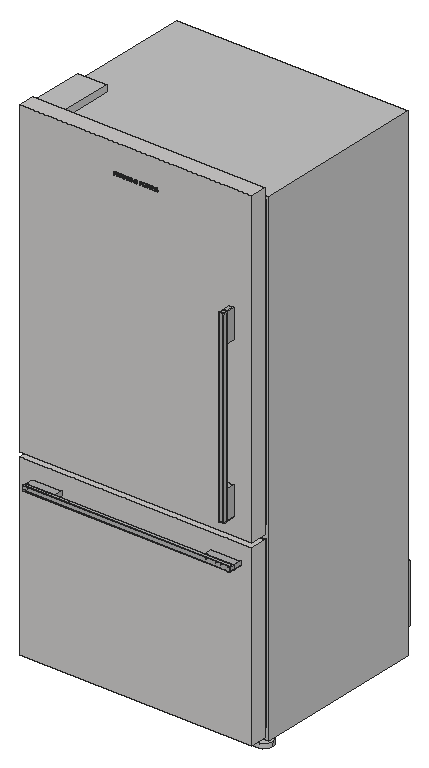
Revit family "FP-Revit18-RF522WDLX5-Fridges", category Specialty Equipment, Revit 2018
Family settings
  Round Connector Dimension = Use Diameter
  Part Type = Normal
  OmniClass Number = 23.40.40.11.11.17
  OmniClass Title = Refrigerator-Freezer
  Work Plane-Based = No
  Always vertical = Yes
  Cut with Voids When Loaded = Yes
  Shared = No
  Room Calculation Point = No
Parameters (values of type "RF522WDLX5")
  Visibility - Contemporary square handle = yes
  Visibility - Contemporary round handle = no
  Visibility - Clearance Required = yes
  URL = "www.fisherpaykel.com"
  Product - Width = 790 mm  # constant formula
  Product - Height = 1720 mm  # constant formula
  Product - Depth = 737 mm  # constant formula
  Model = "RF522WDLX5"
  Material - Logo = Fisher & Paykel - Steel, Chrome Plated
  Material - Handle = Fisher & Paykel - Aluminium
  Material - Door Structure = Fisher & Paykel - White
  Material - Door Front = Fisher & Paykel - Stainless Steel
  Material - Body = Fisher & Paykel - Grey
  Manufacturer = "Fisher & Paykel Appliances"
  Description = "79cm Freestanding Refrigerator with Bottom Freezer"
  Connector Description - Electrical = "230 V, 50 Hz"
  Chassis - Width = 790 mm  # constant formula
  Chassis - Height = 1662 mm  # constant formula
  Chassis - Depth = 625 mm  # constant formula
  Cavity - Width = 830 mm  # constant formula
  Cavity - Height = 1735 mm  # constant formula
  Cavity - Depth = 625 mm  # constant formula
Reference planes
  plane 1 "Datum": y = 0
  plane 2: z = 0
  plane 3 "Center (Left/Right)": x = 0
  plane 4 "Product LHS": x = -395
  plane 5 "Product RHS": x = 395
  plane 6 "Product - Depth": y = 625
  plane 7 "Cavity LHS": x = -415
  plane 8 "Cavity RHS": x = 415
  plane 9 "Cavity - Depth": y = 625
  plane 10 "Product Height": z = 1720
  plane 11 "Cavity Height": z = 1735
  plane 12 "Door Panel Front": y = -70
Forms (mm)
  Extrusion 1, solid, material "Fisher & Paykel - Grey" <- "Material - Body"
    sketch origin (0, 0, 0) x (0, 1, 0) y (0, 0, 1)
      loop
        line (0, 24) -> (595, 24) -> (595, 1686) -> (0, 1686) -> (0, 24)
    from -395 to 395
  Extrusion 2, solid, material "Fisher & Paykel - Grey" <- "Material - Body"
    sketch origin (0, 0, 0) x (1, 0, 0) y (0, 1, 0)
      loop
        circle (-365, 18.6) r 4.9
      loop
        circle (365, 18.6) r 4.9
    from 14 to 24
  Extrusion 3, solid, material "Fisher & Paykel - Grey" <- "Material - Body"
    sketch origin (0, 0, 0) x (1, 0, 0) y (0, 1, 0)
      loop
        circle (-365, 18.6) r 30
      loop
        circle (365, 18.6) r 30
    from 0 to 14
  Extrusion 4, solid, material "Fisher & Paykel - Grey" <- "Material - Body"
    sketch origin (0, 0, 0) x (1, 0, 0) y (0, 0, 1)
      loop
        circle (355.042, 69) r 5
      loop
        circle (305.042, 69) r 5
    from -615 to -595
  Extrusion 5, solid, material "Fisher & Paykel - White" <- "Material - Door Structure"
    sketch origin (0, 0, 0) x (1, 0, 0) y (0, 1, 0)
      loop
        line (-387, 0) -> (-387, -15) -> (387, -15) -> (387, 0) -> (-387, 0)
    from 682 to 1675
  Extrusion 6, solid, material "Fisher & Paykel - Stainless Steel" <- "Material - Door Front"
    sketch origin (0, 0, 0) x (1, 0, 0) y (0, 1, 0)
      loop
        line (-395, -15) -> (-395, -70) -> (395, -70) -> (395, -15) -> (-395, -15)
    from 660 to 1720
  Extrusion 7, solid, material "Fisher & Paykel - Clearance Required", visible <- "Visibility - Clearance Required", detail levels coarse
    sketch origin (0, 0, 0) x (1, 0, 0) y (0, 1, 0)
      loop
        line (-415, 625) -> (-415, 0) -> (-530, 0) -> (-530, -70) -> (415, -70) -> (415, 625) -> (-415, 625)
    from 0 to 1735
  Extrusion 8, void
    sketch origin (0, 0, 0) x (1, 0, 0) y (0, 1, 0)
      loop
        line (-415, 625) -> (-415, 0) -> (-530, 0) -> (-530, -70) -> (415, -70) -> (415, 625) -> (-415, 625)
    from 0 to 1735
  Extrusion 9, solid, material "Fisher & Paykel - Stainless Steel" <- "Material - Door Front"
    sketch origin (0, 0, 0) x (1, 0, 0) y (0, 1, 0)
      loop
        line (-395, -15) -> (-395, -70) -> (395, -70) -> (395, -15) -> (-395, -15)
    from 40 to 646
  Extrusion 10, solid, material "Fisher & Paykel - White" <- "Material - Door Structure"
    sketch origin (0, 0, 0) x (1, 0, 0) y (0, 1, 0)
      loop
        line (-387, 0) -> (-387, -15) -> (387, -15) -> (387, 0) -> (-387, 0)
    from 62 to 638
  Extrusion 11, solid, material "Fisher & Paykel - Grey" <- "Material - Body"
    sketch origin (229.237, 0, 0) x (0, 1, 0) y (0, 0, 1)
      loop
        line (595, 324) -> (595, 94) -> (625, 94) -> (625, 294) -> (595, 324)
    from -604.237 to 145.763
  Extrusion 12, solid, material "Fisher & Paykel - Grey" <- "Material - Body"
    sketch origin (0, 0, 0) x (0, 1, 0) y (0, 0, 1)
      loop
        line (595, 94) -> (595, 24) -> (625, 24) -> (625, 94) -> (595, 94)
    from -375 to 280
  Extrusion 13, solid, material "Fisher & Paykel - Grey" <- "Material - Body", detail levels fine
    sketch origin (0, 0, -4) x (0, 1, 0) y (0, 0, -1)
      loop
        line (62.091, -28) -> (112.909, -28)
        arc (112.909, -28) -> (87.5, -4) -> (62.091, -28) r 25.45
      loop
        line (503.639, -28) -> (554.456, -28)
        arc (554.456, -28) -> (529.047, -4) -> (503.639, -28) r 25.45
    from 345 to 362
  Extrusion 14, solid, material "Fisher & Paykel - Grey" <- "Material - Body"
    sketch origin (0, 0, 0) x (1, 0, 0) y (0, 1, 0)
      loop
        line (-296.4, 174) -> (-395, 174) -> (-395, -15) -> (-296.4, -15) -> (-296.4, 174)
    from 1686 to 1708
  Extrusion 15, solid, material "Fisher & Paykel - Clearance Required", visible <- "Visibility - Clearance Required", detail levels coarse
    sketch origin (0, 0, 0) x (1, 0, 0) y (0, 1, 0)
      loop
        line (-460.698, -70) -> (-917.346, -479.069) -> (-945.37, -447.786) -> (-956.777, -458.004) -> (-928.753, -489.287) -> (-975.827, -531.456)
        arc (-975.827, -531.456) -> (-135.432, -761.124) -> (395, -70) r 781.226
        line (395, -70) -> (-460.698, -70)
    from 660 to 1720
  Extrusion 16, solid, material "Fisher & Paykel - Grey" <- "Material - Body", detail levels fine
    sketch origin (0, 0, -4) x (0, 1, 0) y (0, 0, 1)
      loop
        arc (62.091, 28) -> (87.5, 4) -> (112.909, 28) r 25.45
        line (112.909, 28) -> (62.091, 28)
      loop
        arc (503.639, 28) -> (529.047, 4) -> (554.456, 28) r 25.45
        line (554.456, 28) -> (503.639, 28)
    from 345 to 362
  Extrusion 17, solid, material "Fisher & Paykel - Clearance Required", visible <- "Visibility - Clearance Required", detail levels coarse
    sketch origin (0, 0, 0) x (0, 1, 0) y (0, 0, 1)
      loop
        line (-70, 646) -> (-445, 646) -> (-445, 590.956) -> (-487, 590.956) -> (-487, 574.956) -> (-445, 574.956) -> (-445, 40) -> (-70, 40) -> (-70, 646)
    from -415 to 415
  Extrusion 18, solid, material "Fisher & Paykel - Steel, Chrome Plated" <- "Material - Logo", detail levels fine
    sketch origin (-0.005, -70, 1620.016) x (1, 0, 0) y (0, 0, 1)
      loop
        line (-74.994, 0) -> (-72.633, 0) -> (-72.633, 3.207) -> (-68.944, 3.207) -> (-68.944, 5.208) -> (-72.633, 5.208) -> (-72.633, 7.068) -> (-68.62, 7.068) -> (-68.62, 9.06) -> (-74.994, 9.06) -> (-74.994, 0)
      loop
        line (-64.134, 9.06) -> (-64.134, 0) -> (-61.773, 0) -> (-61.773, 9.06) -> (-64.134, 9.06)
      loop
        line (-46.015, 9.06) -> (-46.015, 0) -> (-43.654, 0) -> (-43.654, 3.63) -> (-40.187, 3.63) -> (-40.187, 0) -> (-37.826, 0) -> (-37.826, 9.06) -> (-40.187, 9.06) -> (-40.187, 5.622) -> (-43.654, 5.622) -> (-43.654, 9.06) -> (-46.015, 9.06)
      loop
        line (-32.787, 9.06) -> (-32.787, 0) -> (-26.332, 0) -> (-26.332, 1.992) -> (-30.448, 1.992) -> (-30.448, 3.63) -> (-26.686, 3.63) -> (-26.686, 5.622) -> (-30.448, 5.622) -> (-30.448, 7.068) -> (-26.332, 7.068) -> (-26.332, 9.06) -> (-32.787, 9.06)
      loop
        line (68.572, 9.06) -> (68.572, 0) -> (75.006, 0) -> (75.006, 1.992) -> (70.933, 1.992) -> (70.933, 9.06) -> (68.572, 9.06)
      loop
        line (63.719, 9.06) -> (57.241, 9.06) -> (57.241, 0) -> (63.719, 0) -> (63.719, 1.992) -> (59.602, 1.992) -> (59.602, 3.63) -> (63.364, 3.63) -> (63.364, 5.622) -> (59.602, 5.622) -> (59.602, 7.068) -> (63.719, 7.068) -> (63.719, 9.06)
      loop
        line (50.248, 4.722) -> (53.597, 9.06) -> (50.837, 9.06) -> (47.945, 5.313) -> (47.945, 9.06) -> (45.585, 9.06) -> (45.585, 0) -> (47.945, 0) -> (47.945, 4.058) -> (50.926, 0) -> (53.716, 0) -> (50.248, 4.722)
      loop
        line (33.043, 9.06) -> (36.466, 3.63) -> (36.466, 0) -> (38.827, 0) -> (38.827, 3.511) -> (42.25, 9.06) -> (39.742, 9.06) -> (37.721, 5.561) -> (35.701, 9.06) -> (33.043, 9.06)
      loop
        line (27.79, 9.06) -> (25.547, 9.06) -> (21.858, 0) -> (24.175, 0) -> (24.824, 1.668) -> (28.454, 1.668) -> (29.103, 0) -> (31.479, 0) -> (27.79, 9.06)
      loop
        line (27.671, 3.659) -> (26.612, 6.261) -> (25.599, 3.659) -> (27.671, 3.659)
      loop
        line (12.119, 9.06) -> (12.119, 0) -> (14.48, 0) -> (14.48, 2.907) -> (15.971, 2.907)
        arc (15.971, 2.907) -> (19.048, 5.983) -> (15.971, 9.06) r 3.077
        line (15.971, 9.06) -> (12.119, 9.06)
      loop
        line (14.48, 7.068) -> (14.48, 4.796) -> (15.824, 4.796)
        arc (15.824, 4.796) -> (16.96, 5.932) -> (15.824, 7.068) r 1.136
        line (15.824, 7.068) -> (14.48, 7.068)
      loop
        line (-17.602, 9.06) -> (-21.477, 9.06) -> (-21.477, 0) -> (-19.116, 0) -> (-19.116, 2.522) -> (-18.311, 2.522) -> (-16.387, 0) -> (-13.657, 0) -> (-15.969, 2.959)
        arc (-15.969, 2.959) -> (-14.445, 6.636) -> (-17.602, 9.06) r 3.269
      loop
        line (-17.774, 7.068) -> (-19.116, 7.068) -> (-19.116, 4.579) -> (-17.774, 4.579)
        arc (-17.774, 4.579) -> (-16.529, 5.823) -> (-17.774, 7.068) r 1.244
      loop
        line (0.788, 7.068) -> (0.788, 9.229) -> (-5.291, 9.229) -> (-5.291, 7.276) -> (-4.389, 6.167)
        arc (-4.389, 6.167) -> (-5.193, 1.025) -> (0.005, 0.768) r 3.5
        line (0.005, 0.768) -> (0.63, 0) -> (3.308, 0) -> (1.362, 2.391) -> (3.12, 4.924) -> (0.694, 4.924) -> (0.053, 4) -> (-2.443, 7.068) -> (0.788, 7.068)
      loop
        arc (-3.116, 4.603) -> (-3.331, 2.502) -> (-1.23, 2.286) r 1.493
        line (-1.23, 2.286) -> (-3.116, 4.603)
      loop
        line (-52.698, 5.451) -> (-54.701, 5.866)
        arc (-54.701, 5.866) -> (-55.501, 6.665) -> (-54.701, 7.465) r 0.799
        arc (-54.701, 7.465) -> (-52.78, 7.185) -> (-51.017, 6.371) r 6.757
        line (-51.017, 6.371) -> (-51.017, 8.615)
        arc (-51.017, 8.615) -> (-53.252, 9.269) -> (-55.578, 9.164) r 7.089
        arc (-55.578, 9.164) -> (-57.732, 6.502) -> (-55.578, 3.841) r 2.721
        line (-55.578, 3.841) -> (-53.559, 3.423)
        arc (-53.559, 3.423) -> (-52.76, 2.623) -> (-53.559, 1.824) r 0.799
        arc (-53.559, 1.824) -> (-55.481, 2.103) -> (-57.244, 2.917) r 6.757
        line (-57.244, 2.917) -> (-57.244, 0.674)
        arc (-57.244, 0.674) -> (-55.009, 0.02) -> (-52.682, 0.125) r 7.089
        arc (-52.682, 0.125) -> (-50.529, 2.795) -> (-52.698, 5.451) r 2.721
    from 0 to 0.8
Cuts and joins
  joined: Extrusion 11, Extrusion 12
Text (mm)
  text "Due to ongoing product development, product details are subject to change without notice. \nPlease always refer to www.fisherpaykel.com for the most current product information. \n© Fisher & Paykel 2020" at (41.04, -848.295, 0), in view "Ref. Level (Plan)"
Dimensions and locks
  equal spacing: plane 4 "Product LHS", plane 3 "Center (Left/Right)", plane 5 "Product RHS"
  "Product - Width": plane 4 "Product LHS" to plane 5 "Product RHS"
  "Cavity - Depth": plane 1 "Datum" to plane 6 "Product - Depth"
  equal spacing: plane 7 "Cavity LHS", plane 3 "Center (Left/Right)", plane 8 "Cavity RHS"
  "Cavity - Width": plane 7 "Cavity LHS" to plane 8 "Cavity RHS"
  "Chassis - Depth": plane 9 "Cavity - Depth" to plane 1 "Datum"
  Extrusion 4 sketch curve to plane 5 "Product RHS" = 39.958 mm
  locked: Extrusion 3 to level at 14
  "Product - Height": level to plane 10 "Product Height"
  Extrusion 1 sketch curve to plane 10 "Product Height" = 34 mm
  "Cavity - Height": plane 11 "Cavity Height" to level
  "Chassis - Depth": plane 1 "Datum" to plane 9 "Cavity - Depth"
  locked: Extrusion 9 to Extrusion 1 at 16
  Extrusion 9 to Extrusion 1 = 622 mm
  locked: Extrusion 1 to Extrusion 10 at 38
  locked: Extrusion 1 to Extrusion 5 at 1651
  locked: Extrusion 14 to Extrusion 1 at 22
  "Chassis - Height": Extrusion 1 to Extrusion 1
  locked: Extrusion 13 sketch curve to Extrusion 1 at 24  (x2)
  Extrusion 1 to Extrusion 4 = 45 mm  (x2)
  locked: Extrusion 1 to cut or joined group of Extrusion 11, Extrusion 12 at 70
  locked: Extrusion 4 sketch curve to Extrusion 1 at 40  (x2)
  locked: Extrusion 1 to nested 1 at 566.956
  locked: nested 2 to Extrusion 1 at 1333
  locked: Extrusion 13 to Extrusion 1 at 24  (x2)
  "Chassis - Width": Extrusion 1 to Extrusion 1
  "Product - Depth": plane 6 "Product - Depth" to nested 2
  locked: Extrusion 9 to level at 646
  aligned and locked: level to plane 2
  aligned and locked: Extrusion 1 to plane 5 "Product RHS"
  aligned and locked: plane 4 "Product LHS" to Extrusion 1
  aligned and locked: Extrusion 6 sketch curve to plane 4 "Product LHS"
  aligned and locked: plane 5 "Product RHS" to Extrusion 6 sketch curve
  aligned and locked: Extrusion 1 sketch curve to plane 1 "Datum"
  aligned and locked: Extrusion 12 sketch curve to plane 6 "Product - Depth"
  aligned and locked: Extrusion 4 to Extrusion 1
  aligned and locked: Extrusion 14 to Extrusion 1
  aligned and locked: Extrusion 8 sketch curve to plane 1 "Datum"
  aligned and locked: Extrusion 8 to plane 11 "Cavity Height"
  aligned and locked: Extrusion 6 to plane 10 "Product Height"
  aligned and locked: Extrusion 2 to Extrusion 1
  aligned and locked: Extrusion 13 sketch curve to Extrusion 13 sketch curve
  aligned and locked: Extrusion 13 sketch curve to Extrusion 1
  aligned and locked: Extrusion 16 sketch curve to Extrusion 16 sketch curve
  aligned and locked: Extrusion 1 to Extrusion 12
  aligned and locked: Extrusion 12 to Extrusion 11
  aligned and locked: Extrusion 7 to plane 11 "Cavity Height"
  aligned and locked: Extrusion 1 to Extrusion 16 sketch curve
  aligned and locked: Extrusion 9 to Extrusion 17
  aligned and locked: Extrusion 15 to plane 10 "Product Height"
Automatic sketch dimensions
  Extrusion 1 sketch curve to plane 6 "Product - Depth" = 30 mm
  level to Extrusion 1 sketch curve = 24 mm
  Extrusion 2 sketch curve to plane 4 "Product LHS" = 30 mm
  plane 5 "Product RHS" to Extrusion 2 sketch curve = 30 mm
  Extrusion 2 sketch curve to plane 1 "Datum" = 18.6 mm  (x2)
  Extrusion 3 sketch curve to plane 4 "Product LHS" = 30 mm
  plane 5 "Product RHS" to Extrusion 3 sketch curve = 30 mm
  Extrusion 3 sketch curve to plane 1 "Datum" = 18.6 mm  (x2)
  Extrusion 4 sketch curve to Extrusion 4 sketch curve = 50 mm
  Extrusion 4 sketch curve to Extrusion 4 sketch curve = 0 mm
  plane 1 "Datum" to Extrusion 5 sketch curve = 0 mm
  Extrusion 5 sketch curve to plane 4 "Product LHS" = 8 mm
  plane 5 "Product RHS" to Extrusion 5 sketch curve = 8 mm
  plane 1 "Datum" to Extrusion 5 sketch curve = 15 mm
  plane 1 "Datum" to Extrusion 6 sketch curve = 70 mm
  plane 1 "Datum" to Extrusion 6 sketch curve = 15 mm
  plane 1 "Datum" to Extrusion 7 sketch curve = 0 mm
  Extrusion 7 sketch curve to plane 6 "Product - Depth" = 0 mm
  Extrusion 7 sketch curve to plane 7 "Cavity LHS" = 0 mm
  Extrusion 7 sketch curve to plane 8 "Cavity RHS" = 0 mm
  plane 7 "Cavity LHS" to Extrusion 7 sketch curve = 115 mm
  plane 1 "Datum" to Extrusion 7 sketch curve = 70 mm
  Extrusion 8 sketch curve to plane 6 "Product - Depth" = 0 mm
  Extrusion 8 sketch curve to plane 7 "Cavity LHS" = 0 mm
  Extrusion 8 sketch curve to plane 8 "Cavity RHS" = 0 mm
  plane 7 "Cavity LHS" to Extrusion 8 sketch curve = 115 mm
  plane 1 "Datum" to Extrusion 8 sketch curve = 70 mm
  Extrusion 9 sketch curve to plane 4 "Product LHS" = 0 mm
  Extrusion 9 sketch curve to plane 5 "Product RHS" = 0 mm
  plane 1 "Datum" to Extrusion 9 sketch curve = 70 mm
  plane 1 "Datum" to Extrusion 9 sketch curve = 15 mm
  plane 1 "Datum" to Extrusion 10 sketch curve = 0 mm
  Extrusion 10 sketch curve to plane 4 "Product LHS" = 8 mm
  plane 5 "Product RHS" to Extrusion 10 sketch curve = 8 mm
  plane 1 "Datum" to Extrusion 10 sketch curve = 15 mm
  Extrusion 11 sketch curve to plane 6 "Product - Depth" = 0 mm
  Extrusion 11 sketch curve to plane 6 "Product - Depth" = 30 mm
  level to Extrusion 11 sketch curve = 94 mm
  Extrusion 11 sketch curve to Extrusion 11 sketch curve = 200 mm
  Extrusion 11 sketch curve to Extrusion 11 sketch curve = 30 mm
  Extrusion 12 sketch curve to Extrusion 12 sketch curve = 30 mm
  level to Extrusion 12 sketch curve = 24 mm
  Extrusion 12 sketch curve to Extrusion 12 sketch curve = 70 mm
  Extrusion 13 sketch curve to plane 1 "Datum" = 62.091 mm
  Extrusion 13 sketch curve to Extrusion 13 sketch curve = 25.409 mm  (x2)
  Extrusion 13 sketch curve to plane 6 "Product - Depth" = 121.361 mm
  Extrusion 14 sketch curve to plane 4 "Product LHS" = 0 mm
  plane 1 "Datum" to Extrusion 14 sketch curve = 15 mm
  Extrusion 14 sketch curve to Extrusion 14 sketch curve = 98.6 mm
  Extrusion 14 sketch curve to plane 1 "Datum" = 174 mm
  Extrusion 16 sketch curve to plane 1 "Datum" = 62.091 mm
  Extrusion 16 sketch curve to Extrusion 16 sketch curve = 25.409 mm  (x2)
  Extrusion 16 sketch curve to plane 6 "Product - Depth" = 121.361 mm
  Extrusion 16 sketch curve to Extrusion 16 sketch curve = 1.45 mm  (x2)
  plane 1 "Datum" to Extrusion 17 sketch curve = 487 mm
  Extrusion 17 sketch curve to Extrusion 17 sketch curve = 42 mm
  level to Extrusion 17 sketch curve = 40 mm
  plane 1 "Datum" to Extrusion 17 sketch curve = 445 mm
  plane 1 "Datum" to Extrusion 17 sketch curve = 70 mm
  Extrusion 17 sketch curve to Extrusion 17 sketch curve = 534.956 mm
  Extrusion 17 sketch curve to Extrusion 17 sketch curve = 16 mm
  Extrusion 17 sketch curve to Extrusion 17 sketch curve = 55.044 mm
  plane 7 "Cavity LHS" to Extrusion 15 sketch curve = 45.698 mm
  Extrusion 15 sketch curve to plane 4 "Product LHS" = 10.329 mm
  Extrusion 15 sketch curve to plane 5 "Product RHS" = 0 mm
  plane 1 "Datum" to Extrusion 15 sketch curve = 531.456 mm
  plane 1 "Datum" to Extrusion 15 sketch curve = 70 mm
  Extrusion 15 sketch curve to Extrusion 15 sketch curve = 30.457 mm
  Extrusion 15 sketch curve to Extrusion 15 sketch curve = 11.406 mm
  plane 1 "Datum" to Extrusion 15 sketch curve = 489.287 mm
  plane 1 "Datum" to Extrusion 15 sketch curve = 479.069 mm
  Extrusion 15 sketch curve to Extrusion 15 sketch curve = 456.649 mm
  Extrusion 18 sketch curve to plane 7 "Cavity LHS" = 340.001 mm
  Extrusion 18 sketch curve to Extrusion 18 sketch curve = 2.361 mm  (x13)
  Extrusion 18 sketch curve to Extrusion 18 sketch curve = 3.689 mm
  Extrusion 18 sketch curve to Extrusion 18 sketch curve = 0.324 mm
  Extrusion 18 sketch curve to Extrusion 18 sketch curve = 4.486 mm
  Extrusion 18 sketch curve to Extrusion 18 sketch curve = 4.53 mm
  Extrusion 18 sketch curve to Extrusion 18 sketch curve = 1.665 mm
  Extrusion 18 sketch curve to Extrusion 18 sketch curve = 0.568 mm
  Extrusion 18 sketch curve to Extrusion 18 sketch curve = 0.309 mm  (x2)
  Extrusion 18 sketch curve to Extrusion 18 sketch curve = 0.54 mm
  Extrusion 18 sketch curve to Extrusion 18 sketch curve = 0.602 mm
  Extrusion 18 sketch curve to Extrusion 18 sketch curve = 1.142 mm
  Extrusion 18 sketch curve to Extrusion 18 sketch curve = 0 mm  (x20)
  Extrusion 18 sketch curve to Extrusion 18 sketch curve = 2.003 mm
  Extrusion 18 sketch curve to Extrusion 18 sketch curve = 2.542 mm
  Extrusion 18 sketch curve to Extrusion 18 sketch curve = 7.235 mm
  Extrusion 18 sketch curve to Extrusion 18 sketch curve = 3.468 mm  (x2)
  Extrusion 18 sketch curve to Extrusion 18 sketch curve = 5.039 mm
  Extrusion 18 sketch curve to Extrusion 18 sketch curve = 2.339 mm  (x2)
  Extrusion 18 sketch curve to Extrusion 18 sketch curve = 3.763 mm  (x2)
  Extrusion 18 sketch curve to Extrusion 18 sketch curve = 0.354 mm  (x4)
  Extrusion 18 sketch curve to Extrusion 18 sketch curve = 4.854 mm
  Extrusion 18 sketch curve to Extrusion 18 sketch curve = 0.805 mm
  Extrusion 18 sketch curve to Extrusion 18 sketch curve = 1.343 mm
  Extrusion 18 sketch curve to Extrusion 18 sketch curve = 0.172 mm
  Extrusion 18 sketch curve to Extrusion 18 sketch curve = 2.73 mm  (x2)
  Extrusion 18 sketch curve to Extrusion 18 sketch curve = 2.343 mm
  Extrusion 18 sketch curve to Extrusion 18 sketch curve = 8.366 mm
  Extrusion 18 sketch curve to Extrusion 18 sketch curve = 0.902 mm
  Extrusion 18 sketch curve to Extrusion 18 sketch curve = 1.273 mm
  Extrusion 18 sketch curve to Extrusion 18 sketch curve = 0.638 mm
  Extrusion 18 sketch curve to Extrusion 18 sketch curve = 1.946 mm
  Extrusion 18 sketch curve to Extrusion 18 sketch curve = 0.305 mm
  Extrusion 18 sketch curve to Extrusion 18 sketch curve = 0.943 mm
  Extrusion 18 sketch curve to Extrusion 18 sketch curve = 1.235 mm
  Extrusion 18 sketch curve to Extrusion 18 sketch curve = 1.283 mm
  Extrusion 18 sketch curve to Extrusion 18 sketch curve = 0.625 mm
  Extrusion 18 sketch curve to Extrusion 18 sketch curve = 0.641 mm
  Extrusion 18 sketch curve to Extrusion 18 sketch curve = 3.232 mm
  Extrusion 18 sketch curve to Extrusion 18 sketch curve = 1.309 mm
  Extrusion 18 sketch curve to Extrusion 18 sketch curve = 2.426 mm
  Extrusion 18 sketch curve to Extrusion 18 sketch curve = 2.678 mm
  Extrusion 18 sketch curve to Extrusion 18 sketch curve = 8.999 mm
  Extrusion 18 sketch curve to Extrusion 18 sketch curve = 1.344 mm
  Extrusion 18 sketch curve to Extrusion 18 sketch curve = 0.147 mm
  Extrusion 18 sketch curve to Extrusion 18 sketch curve = 5.887 mm
  Extrusion 18 sketch curve to Extrusion 18 sketch curve = 2.317 mm
  Extrusion 18 sketch curve to Extrusion 18 sketch curve = 0.649 mm  (x2)
  Extrusion 18 sketch curve to Extrusion 18 sketch curve = 0.723 mm
  Extrusion 18 sketch curve to Extrusion 18 sketch curve = 0.775 mm
  Extrusion 18 sketch curve to Extrusion 18 sketch curve = 1.013 mm
  Extrusion 18 sketch curve to Extrusion 18 sketch curve = 2.072 mm
  Extrusion 18 sketch curve to Extrusion 18 sketch curve = 2.243 mm  (x3)
  Extrusion 18 sketch curve to Extrusion 18 sketch curve = 0.782 mm
  Extrusion 18 sketch curve to Extrusion 18 sketch curve = 2.376 mm
  Extrusion 18 sketch curve to Extrusion 18 sketch curve = 5.252 mm
  Extrusion 18 sketch curve to Extrusion 18 sketch curve = 2.658 mm
  Extrusion 18 sketch curve to Extrusion 18 sketch curve = 0.765 mm
  Extrusion 18 sketch curve to Extrusion 18 sketch curve = 1.255 mm  (x2)
  Extrusion 18 sketch curve to Extrusion 18 sketch curve = 4.041 mm
  Extrusion 18 sketch curve to Extrusion 18 sketch curve = 2.509 mm
  Extrusion 18 sketch curve to Extrusion 18 sketch curve = 3.334 mm
  Extrusion 18 sketch curve to Extrusion 18 sketch curve = 2.303 mm
  Extrusion 18 sketch curve to Extrusion 18 sketch curve = 2.892 mm
  Extrusion 18 sketch curve to Extrusion 18 sketch curve = 2.981 mm
  Extrusion 18 sketch curve to Extrusion 18 sketch curve = 2.759 mm
  Extrusion 18 sketch curve to Extrusion 18 sketch curve = 2.79 mm
  Extrusion 18 sketch curve to Extrusion 18 sketch curve = 3.644 mm
  Extrusion 18 sketch curve to Extrusion 18 sketch curve = 4.853 mm
  Extrusion 18 sketch curve to Extrusion 18 sketch curve = 4.073 mm
  level to Extrusion 18 sketch curve = 1620.016 mm
  Extrusion 18 sketch curve to Extrusion 18 sketch curve = 0.674 mm
  Extrusion 18 sketch curve to Extrusion 18 sketch curve = 0.034 mm
  Extrusion 18 sketch curve to Extrusion 18 sketch curve = 0.768 mm
  Extrusion 18 sketch curve to Extrusion 18 sketch curve = 1.668 mm
  Extrusion 18 sketch curve to Extrusion 18 sketch curve = 1.992 mm  (x10)
  Extrusion 18 sketch curve to Extrusion 18 sketch curve = 1.523 mm
  Extrusion 18 sketch curve to Extrusion 18 sketch curve = 1.518 mm
  Extrusion 18 sketch curve to Extrusion 18 sketch curve = 1.624 mm
  Extrusion 18 sketch curve to Extrusion 18 sketch curve = 2.522 mm
  Extrusion 18 sketch curve to Extrusion 18 sketch curve = 0.393 mm  (x2)
  Extrusion 18 sketch curve to Extrusion 18 sketch curve = 0.163 mm  (x2)
  Extrusion 18 sketch curve to Extrusion 18 sketch curve = 2.907 mm
  Extrusion 18 sketch curve to Extrusion 18 sketch curve = 0.437 mm
  Extrusion 18 sketch curve to Extrusion 18 sketch curve = 3.207 mm
  Extrusion 18 sketch curve to Extrusion 18 sketch curve = 0.949 mm
  Extrusion 18 sketch curve to Extrusion 18 sketch curve = 0.637 mm  (x2)
  Extrusion 18 sketch curve to Extrusion 18 sketch curve = 0.21 mm
  Extrusion 18 sketch curve to Extrusion 18 sketch curve = 3.511 mm
  Extrusion 18 sketch curve to Extrusion 18 sketch curve = 3.63 mm
  Extrusion 18 sketch curve to Extrusion 18 sketch curve = 1.638 mm  (x2)
  Extrusion 18 sketch curve to Extrusion 18 sketch curve = 0.118 mm
  Extrusion 18 sketch curve to Extrusion 18 sketch curve = 0.924 mm  (x2)
  Extrusion 18 sketch curve to Extrusion 18 sketch curve = 1.609 mm
  Extrusion 18 sketch curve to Extrusion 18 sketch curve = 4.058 mm
  Extrusion 18 sketch curve to Extrusion 18 sketch curve = 2.057 mm
  Extrusion 18 sketch curve to Extrusion 18 sketch curve = 0.664 mm
  Extrusion 18 sketch curve to Extrusion 18 sketch curve = 1.889 mm
  Extrusion 18 sketch curve to Extrusion 18 sketch curve = 2.002 mm
  Extrusion 18 sketch curve to Extrusion 18 sketch curve = 2.028 mm
  Extrusion 18 sketch curve to Extrusion 18 sketch curve = 1.931 mm
  Extrusion 18 sketch curve to Extrusion 18 sketch curve = 1.212 mm
  Extrusion 18 sketch curve to Extrusion 18 sketch curve = 0.032 mm
  Extrusion 18 sketch curve to Extrusion 18 sketch curve = 0.415 mm
  Extrusion 18 sketch curve to Extrusion 18 sketch curve = 1.136 mm
  Extrusion 18 sketch curve to Extrusion 18 sketch curve = 0.052 mm
  Extrusion 18 sketch curve to Extrusion 18 sketch curve = 2.602 mm
  Extrusion 18 sketch curve to Extrusion 18 sketch curve = 0.92 mm
  Extrusion 18 sketch curve to Extrusion 18 sketch curve = 0.9 mm
  Extrusion 18 sketch curve to Extrusion 18 sketch curve = 1.446 mm  (x2)
  Extrusion 18 sketch curve to Extrusion 18 sketch curve = 1.859 mm
  Extrusion 18 sketch curve to Extrusion 18 sketch curve = 1.109 mm
  Extrusion 18 sketch curve to Extrusion 18 sketch curve = 1.116 mm
  Extrusion 18 sketch curve to Extrusion 18 sketch curve = 3.499 mm  (x2)
  Extrusion 18 sketch curve to Extrusion 18 sketch curve = 3.438 mm  (x2)
  Extrusion 18 sketch curve to Extrusion 18 sketch curve = 7.068 mm
  Extrusion 18 sketch curve to Extrusion 18 sketch curve = 0.104 mm
  Extrusion 18 sketch curve to Extrusion 18 sketch curve = 2.799 mm
  Extrusion 18 sketch curve to Extrusion 18 sketch curve = 4.338 mm
  Extrusion 18 sketch curve to Extrusion 18 sketch curve = 1.953 mm
  radius of Extrusion 2 sketch curve = 4.9 mm  (x2)
  radius of Extrusion 3 sketch curve = 30 mm  (x2)
  radius of Extrusion 4 sketch curve = 5 mm
Nested families
  nested 1: "F&P Handle Contemporary Square - Horizontal" at (0, -70, 582.978), visible <- "Visibility - Contemporary square handle", type "Contemporary square handle"
  nested 2: "F&P Handle Contemporary Square - Vertical" at (324, -70, 1036), visible <- "Visibility - Contemporary square handle", type "Contemporary square handle"
  nested 3: "F&P Handle Kit - Contemporary Round - Vertical" at (324, -70, 1036), visible <- "Visibility - Contemporary round handle", type "25338 AHS-RF-522W - Contemporary round handle (1 of 2) (Vertical) 642mm"
  nested 4: "F&P Handle Kit - Contemporary Round - Horizontal" at (0, -70, 582.956), visible <- "Visibility - Contemporary round handle", type "25338 AHS-RF-522W - Contemporary round handle (2 of 2) (Horizontal) 710mm"
Connectors
  electrical at (355.042, 615, 69), driven by "Connector Description - Electrical"
    settings: on Extrusion 4, index 2, voltage 230 V, apparent load 0 VA, apparent load phase1 0 VA, apparent load phase2 0 VA, apparent load phase3 0 VA, power factor 1, load classification "Other", number of poles 1, system type 30, power factor state 1, is connector primary yes, connector utility no, sub classification motor no, connector description "230 V, 50 Hz"
Definition of nested family "F&P Handle Contemporary Square - Horizontal"
  Parameters (values of type "Contemporary square handle")
    URL = "www.fisherpaykel.com"
    Material - Handle = none
    Manufacturer = "Fisher & Paykel Appliances"
    Handle - Standoff Length = 100 mm
    Handle - Length = 710 mm
  Reference planes
    plane 1 "Center (Front/Back)": y = 0
    plane 2: z = 0
    plane 3 "Center (Left/Right)": x = 0
    plane 4 "Product LHS": x = -355
    plane 5 "Product RHS": x = 355
    plane 6 "LHS Standoff": x = -255
    plane 7 "RHS Standoff": x = 255
  Forms (mm)
    Extrusion 1, solid, material <- "Material - Handle", detail levels fine
      sketch origin (0, 0, 0) x (0, 1, 0) y (0, 0, 1)
        loop
          arc (-28.701, 7.561) -> (-29.057, 7.868) -> (-29.514, 7.978) r 1
          line (-29.514, 7.978) -> (-40.5, 7.978)
          arc (-40.5, 7.978) -> (-41.561, 7.539) -> (-42, 6.478) r 1.5
          line (-42, 6.478) -> (-42, -6.522)
          arc (-42, -6.522) -> (-41.561, -7.583) -> (-40.5, -8.022) r 1.5
          line (-40.5, -8.022) -> (-29.487, -8.022)
          arc (-29.487, -8.022) -> (-29.029, -7.911) -> (-28.673, -7.602) r 1
          arc (-28.673, -7.602) -> (-26.256, -0.016) -> (-28.701, 7.561) r 13.038
      from -355 to 355
    Extrusion 2, solid, material <- "Material - Handle", detail levels fine
      sketch origin (0, 0, 0) x (0, 1, 0) y (0, 0, 1)
        loop
          arc (-28.23, 7.062) -> (-26.156, 0.008) -> (-28.198, -7.056) r 13.136
          arc (-28.198, -7.056) -> (-28.21, -7.463) -> (-27.86, -7.67) r 0.4
          line (-27.86, -7.67) -> (0, -7.67) -> (0, 7.678) -> (-27.893, 7.678)
          arc (-27.893, 7.678) -> (-28.244, 7.47) -> (-28.23, 7.062) r 0.4
      from 255 to 355
    Extrusion 3, solid, material <- "Material - Handle", detail levels fine
      sketch origin (0, 0, 0) x (0, 1, 0) y (0, 0, -1)
        loop
          arc (-28.23, -7.062) -> (-28.244, -7.47) -> (-27.893, -7.678) r 0.4
          line (-27.893, -7.678) -> (0, -7.678) -> (0, 7.67) -> (-27.86, 7.67)
          arc (-27.86, 7.67) -> (-28.21, 7.463) -> (-28.198, 7.056) r 0.4
          arc (-28.198, 7.056) -> (-26.156, -0.008) -> (-28.23, -7.062) r 13.136
      from 255 to 355
    Sweep 4, void
      path in 3D
        loop
          line (355, -29.514, 7.978) -> (355, -40.5, 7.978)
          arc (355, -40.5, 7.978) -> (355, -41.561, 7.539) -> (355, -42, 6.478) r 1.5
          line (355, -42, 6.478) -> (355, -42, -6.522)
          arc (355, -42, -6.522) -> (355, -41.561, -7.583) -> (355, -40.5, -8.022) r 1.5
          line (355, -40.5, -8.022) -> (355, -29.487, -8.022)
      profile origin (355, -35.007, 7.978) x (1, 0, 0) y (0, 0, 1)
        loop
          line (0, 0) -> (-1.3, 0) -> (0, -1.3) -> (0, 0)
    Sweep 5, void
      path in 3D
        loop
          line (-355, -29.487, -8.022) -> (-355, -40.5, -8.022)
          arc (-355, -40.5, -8.022) -> (-355, -41.561, -7.583) -> (-355, -42, -6.522) r 1.5
          line (-355, -42, -6.522) -> (-355, -42, 6.478)
          arc (-355, -42, 6.478) -> (-355, -41.561, 7.539) -> (-355, -40.5, 7.978) r 1.5
          line (-355, -40.5, 7.978) -> (-355, -29.514, 7.978)
      profile origin (-355, -35.007, 7.978) x (-1, 0, 0) y (0, 0, 1)
        loop
          line (0, 0) -> (-1.3, 0) -> (0, -1.3) -> (0, 0)
    Extrusion 6, void
      sketch origin (0, 0, 0) x (1, 0, 0) y (0, 0, 1)
        loop
          line (355, 7.978) -> (353.7, 7.978) -> (355, 6.678) -> (355, 7.978)
        loop
          line (355, -8.022) -> (355, -6.722) -> (353.7, -8.022) -> (355, -8.022)
      from 0 to 40
    Extrusion 7, void
      sketch origin (0, 0, 0) x (1, 0, 0) y (0, 0, 1)
        loop
          line (-355, 7.978) -> (-355, 6.678) -> (-353.7, 7.978) -> (-355, 7.978)
        loop
          line (-355, -8.022) -> (-353.7, -8.022) -> (-355, -6.722) -> (-355, -8.022)
      from 0 to 40
    Extrusion 8, solid, material <- "Material - Handle", detail levels coarse+medium
      sketch origin (0, 0, 0) x (1, 0, 0) y (0, 1, 0)
        loop
          line (-355, -42) -> (355, -42) -> (355, 0) -> (255, 0) -> (255, -26.156) -> (-255, -26.156) -> (-255, 0) -> (-355, 0) -> (-355, -42)
      from -8.022 to 7.978
  Cuts and joins
    Sweep 4, Sweep 5, Extrusion 6, Extrusion 7 cuts Extrusion 1
    Extrusion 6 cuts Extrusion 2
    Extrusion 7 cuts Extrusion 3
  Lines and regions (mm)
    sketch lines
      curve 1: line (355, -29.514, 7.978) -> (355, -40.5, 7.978)
      curve 2: arc (355, -42, 6.478) -> (355, -41.561, 7.539) -> (355, -40.5, 7.978) r 1.5
      curve 3: line (355, -42, 6.478) -> (355, -42, -6.522)
      curve 4: arc (355, -40.5, -8.022) -> (355, -41.561, -7.583) -> (355, -42, -6.522) r 1.5
      curve 5: line (355, -40.5, -8.022) -> (355, -29.487, -8.022)
      curve 6: line (-355, -40.5, 7.978) -> (-355, -29.514, 7.978)
      curve 7: arc (-355, -40.5, 7.978) -> (-355, -41.561, 7.539) -> (-355, -42, 6.478) r 1.5
      curve 8: line (-355, -42, -6.522) -> (-355, -42, 6.478)
      curve 9: arc (-355, -42, -6.522) -> (-355, -41.561, -7.583) -> (-355, -40.5, -8.022) r 1.5
      curve 10: line (-355, -29.487, -8.022) -> (-355, -40.5, -8.022)
  Dimensions and locks
    equal spacing: plane 4 "Product LHS", plane 3 "Center (Left/Right)", plane 5 "Product RHS"
    "Handle - Length": plane 4 "Product LHS" to plane 5 "Product RHS"
    "Handle - Standoff Length": plane 4 "Product LHS" to plane 6 "LHS Standoff"
    "Handle - Standoff Length": plane 7 "RHS Standoff" to plane 5 "Product RHS"
    aligned and locked: level to plane 2
    aligned and locked: Extrusion 1 to plane 5 "Product RHS"
    aligned and locked: plane 4 "Product LHS" to Extrusion 1
    aligned and locked: Extrusion 2 to plane 5 "Product RHS"
    aligned and locked: plane 4 "Product LHS" to Extrusion 3
    aligned and locked: plane 4 "Product LHS" to Extrusion 8 sketch curve
    aligned and locked: Extrusion 8 sketch curve to plane 5 "Product RHS"
    aligned and locked: Extrusion 8 sketch curve to plane 7 "RHS Standoff"
    aligned and locked: plane 6 "LHS Standoff" to Extrusion 8 sketch curve
    aligned and locked: Extrusion 2 to plane 7 "RHS Standoff"
    aligned and locked: plane 6 "LHS Standoff" to Extrusion 3
  Automatic sketch dimensions
    Extrusion 1 sketch curve to level = 6.522 mm
    plane 1 "Center (Front/Back)" to Extrusion 1 sketch curve = 42 mm
    Extrusion 1 sketch curve to Extrusion 1 sketch curve = 1.5 mm  (x2)
    Extrusion 1 sketch curve to level = 0.04 mm
    Extrusion 1 sketch curve to Extrusion 1 sketch curve = 1.206 mm
    level to Extrusion 1 sketch curve = 6.978 mm
    Extrusion 1 sketch curve to Extrusion 1 sketch curve = 10.986 mm
    Extrusion 1 sketch curve to Extrusion 1 sketch curve = 11.013 mm
    Extrusion 1 sketch curve to Extrusion 1 sketch curve = 1 mm
    level to Extrusion 1 sketch curve = 6.478 mm
    Extrusion 1 sketch curve to Extrusion 1 sketch curve = 0 mm
    Extrusion 2 sketch curve to plane 1 "Center (Front/Back)" = 0 mm
    Extrusion 2 sketch curve to level = 7.67 mm
    Extrusion 2 sketch curve to Extrusion 2 sketch curve = 27.86 mm
    level to Extrusion 2 sketch curve = 7.678 mm
    Extrusion 2 sketch curve to Extrusion 2 sketch curve = 0.033 mm
    Extrusion 2 sketch curve to level = 0.022 mm
    Extrusion 2 sketch curve to Extrusion 2 sketch curve = 11.398 mm
    Extrusion 2 sketch curve to Extrusion 2 sketch curve = 0.4 mm  (x2)
    Extrusion 2 sketch curve to Extrusion 2 sketch curve = 0 mm
    Extrusion 3 sketch curve to plane 1 "Center (Front/Back)" = 0 mm
    Extrusion 3 sketch curve to level = 7.67 mm
    Extrusion 3 sketch curve to Extrusion 3 sketch curve = 27.86 mm
    level to Extrusion 3 sketch curve = 7.678 mm
    Extrusion 3 sketch curve to Extrusion 3 sketch curve = 0.033 mm
    Extrusion 3 sketch curve to level = 0.022 mm
    Extrusion 3 sketch curve to Extrusion 3 sketch curve = 11.398 mm
    Extrusion 3 sketch curve to Extrusion 3 sketch curve = 0.4 mm  (x2)
    Extrusion 3 sketch curve to Extrusion 3 sketch curve = 0 mm
    profile plane to Sweep 4 sketch curve = 0 mm
    Sweep 4 sketch curve to profile plane = 0 mm
    Sweep 4 sketch curve to profile plane = 1.3 mm
    profile plane to Sweep 4 sketch curve = 1.3 mm
    Sweep 5 sketch curve to profile plane = 0 mm  (x2)
    profile plane to Sweep 5 sketch curve = 1.3 mm
    Sweep 5 sketch curve to profile plane = 1.3 mm
    plane 5 "Product RHS" to Extrusion 6 sketch curve = 0 mm  (x2)
    Extrusion 6 sketch curve to Extrusion 6 sketch curve = 1.3 mm  (x4)
    Extrusion 6 sketch curve to level = 6.722 mm
    level to Extrusion 6 sketch curve = 6.678 mm
    plane 4 "Product LHS" to Extrusion 7 sketch curve = 0 mm  (x2)
    Extrusion 7 sketch curve to plane 4 "Product LHS" = 1.3 mm  (x2)
    Extrusion 7 sketch curve to level = 8.022 mm
    level to Extrusion 7 sketch curve = 6.678 mm
    Extrusion 7 sketch curve to Extrusion 7 sketch curve = 1.3 mm  (x2)
    plane 1 "Center (Front/Back)" to Extrusion 8 sketch curve = 0 mm  (x2)
    Extrusion 8 sketch curve to Extrusion 8 sketch curve = 26.156 mm
    Extrusion 8 sketch curve to Extrusion 8 sketch curve = 42 mm
Definition of nested family "F&P Handle Contemporary Square - Vertical"
  Parameters (values of type "Contemporary square handle")
    URL = "www.fisherpaykel.com"
    Material - Handle = none
    Manufacturer = "Fisher & Paykel Appliances"
    Handle - Standoff Length = 100 mm
    Handle - Length = 642 mm
  Reference planes
    plane 1 "Center (Front/Back)": y = 0
    plane 2: z = 0
    plane 3 "Center (Left/Right)": x = 0
    plane 4 "Top": z = 321
    plane 5 "Bottom": z = -321
    plane 6 "Top Standoff": z = 221
    plane 7 "Bottom Standoff": z = -221
  Forms (mm)
    Extrusion 1, solid, material <- "Material - Handle", detail levels fine
      sketch origin (0, 0, 0) x (1, 0, 0) y (0, 1, 0)
        loop
          arc (-7.583, -28.701) -> (-7.89, -29.057) -> (-8, -29.514) r 1
          line (-8, -29.514) -> (-8, -40.5)
          arc (-8, -40.5) -> (-7.561, -41.561) -> (-6.5, -42) r 1.5
          line (-6.5, -42) -> (6.5, -42)
          arc (6.5, -42) -> (7.561, -41.561) -> (8, -40.5) r 1.5
          line (8, -40.5) -> (8, -29.487)
          arc (8, -29.487) -> (7.889, -29.029) -> (7.58, -28.673) r 1
          arc (7.58, -28.673) -> (-0.006, -26.256) -> (-7.583, -28.701) r 13.038
      from -321 to 321
    Extrusion 2, solid, material <- "Material - Handle", detail levels fine
      sketch origin (0, 0, 0) x (1, 0, 0) y (0, 1, 0)
        loop
          arc (7.058, -28.23) -> (7.466, -28.244) -> (7.674, -27.893) r 0.4
          line (7.674, -27.893) -> (7.674, 0) -> (-7.674, 0) -> (-7.674, -27.86)
          arc (-7.674, -27.86) -> (-7.467, -28.21) -> (-7.06, -28.198) r 0.4
          arc (-7.06, -28.198) -> (0.004, -26.156) -> (7.058, -28.23) r 13.136
      from 221 to 321
    Extrusion 3, solid, material <- "Material - Handle", detail levels fine
      sketch origin (0, 0, 0) x (1, 0, 0) y (0, 1, 0)
        loop
          arc (7.058, -28.23) -> (7.466, -28.244) -> (7.674, -27.893) r 0.4
          line (7.674, -27.893) -> (7.674, 0) -> (-7.674, 0) -> (-7.674, -27.86)
          arc (-7.674, -27.86) -> (-7.467, -28.21) -> (-7.06, -28.198) r 0.4
          arc (-7.06, -28.198) -> (0.004, -26.156) -> (7.058, -28.23) r 13.136
      from -321 to -221
    Sweep 4, void
      path in 3D
        loop
          line (-8, -29.514, 321) -> (-8, -40.5, 321)
          arc (-8, -40.5, 321) -> (-7.561, -41.561, 321) -> (-6.5, -42, 321) r 1.5
          line (-6.5, -42, 321) -> (6.5, -42, 321)
          arc (6.5, -42, 321) -> (7.561, -41.561, 321) -> (8, -40.5, 321) r 1.5
          line (8, -40.5, 321) -> (8, -29.487, 321)
      profile origin (8, -34.994, 321) x (-1, 0, 0) y (0, 0, 1)
        loop
          line (0, 0) -> (0, -1.3) -> (1.3, 0) -> (0, 0)
    Sweep 5, void
      path in 3D
        loop
          line (8, -29.487, -321) -> (8, -40.5, -321)
          arc (8, -40.5, -321) -> (7.561, -41.561, -321) -> (6.5, -42, -321) r 1.5
          line (6.5, -42, -321) -> (-6.5, -42, -321)
          arc (-6.5, -42, -321) -> (-7.561, -41.561, -321) -> (-8, -40.5, -321) r 1.5
          line (-8, -40.5, -321) -> (-8, -29.514, -321)
      profile origin (8, -34.994, -321) x (-1, 0, 0) y (0, 0, -1)
        loop
          line (0, 0) -> (0, -1.3) -> (1.3, 0) -> (0, 0)
    Extrusion 6, void
      sketch origin (0, 0, 0) x (1, 0, 0) y (0, 0, 1)
        loop
          line (-8, -319.7) -> (-8, -321) -> (-6.7, -321) -> (-8, -319.7)
        loop
          line (8, -319.7) -> (6.7, -321) -> (8, -321) -> (8, -319.7)
      from 0 to 40
    Extrusion 7, void
      sketch origin (0, 0, 0) x (1, 0, 0) y (0, 0, 1)
        loop
          line (-8, 321) -> (-8, 319.7) -> (-6.7, 321) -> (-8, 321)
        loop
          line (8, 321) -> (6.7, 321) -> (8, 319.7) -> (8, 321)
      from 0 to 40
    Extrusion 8, solid, material <- "Material - Handle", detail levels coarse+medium
      sketch origin (0, 0, 0) x (0, 1, 0) y (0, 0, 1)
        loop
          line (0, 321) -> (-42, 321) -> (-42, -321) -> (0, -321) -> (0, -221) -> (-26.245, -221) -> (-26.245, 221) -> (0, 221) -> (0, 321)
      from -8 to 8
  Cuts and joins
    Sweep 4, Sweep 5, Extrusion 6, Extrusion 7 cuts Extrusion 1
    Extrusion 6 cuts Extrusion 3
    Extrusion 7 cuts Extrusion 2
  Lines and regions (mm)
    sketch lines
      curve 1: line (8, -40.5, 321) -> (8, -29.487, 321)
      curve 2: arc (8, -40.5, 321) -> (7.561, -41.561, 321) -> (6.5, -42, 321) r 1.5
      curve 3: line (-6.5, -42, 321) -> (6.5, -42, 321)
      curve 4: arc (-6.5, -42, 321) -> (-7.561, -41.561, 321) -> (-8, -40.5, 321) r 1.5
      curve 5: line (-8, -29.514, 321) -> (-8, -40.5, 321)
      curve 6: line (8, -29.487, -321) -> (8, -40.5, -321)
      curve 7: arc (6.5, -42, -321) -> (7.561, -41.561, -321) -> (8, -40.5, -321) r 1.5
      curve 8: line (6.5, -42, -321) -> (-6.5, -42, -321)
      curve 9: arc (-8, -40.5, -321) -> (-7.561, -41.561, -321) -> (-6.5, -42, -321) r 1.5
      curve 10: line (-8, -40.5, -321) -> (-8, -29.514, -321)
  Dimensions and locks
    equal spacing: plane 4 "Top", level, plane 5 "Bottom"
    "Handle - Length": plane 4 "Top" to plane 5 "Bottom"
    "Handle - Standoff Length": plane 4 "Top" to plane 6 "Top Standoff"
    "Handle - Standoff Length": plane 7 "Bottom Standoff" to plane 5 "Bottom"
    aligned and locked: level to plane 2
    aligned and locked: plane 4 "Top" to Extrusion 2
    aligned and locked: Extrusion 2 to plane 6 "Top Standoff"
    aligned and locked: plane 4 "Top" to Extrusion 1
    aligned and locked: Extrusion 1 to plane 5 "Bottom"
    aligned and locked: Extrusion 3 to plane 5 "Bottom"
    aligned and locked: plane 7 "Bottom Standoff" to Extrusion 3
    aligned and locked: plane 4 "Top" to Extrusion 8 sketch curve
    aligned and locked: plane 6 "Top Standoff" to Extrusion 8 sketch curve
    aligned and locked: plane 7 "Bottom Standoff" to Extrusion 8 sketch curve
    aligned and locked: plane 5 "Bottom" to Extrusion 8 sketch curve
    aligned and locked: plane 1 "Center (Front/Back)" to Extrusion 8 sketch curve  (x2)
  Automatic sketch dimensions
    Extrusion 1 sketch curve to plane 3 "Center (Left/Right)" = 8 mm
    Extrusion 1 sketch curve to Extrusion 1 sketch curve = 1 mm  (x2)
    Extrusion 1 sketch curve to Extrusion 1 sketch curve = 1.5 mm
    plane 3 "Center (Left/Right)" to Extrusion 1 sketch curve = 0.018 mm
    plane 3 "Center (Left/Right)" to Extrusion 1 sketch curve = 6.5 mm
    plane 3 "Center (Left/Right)" to Extrusion 1 sketch curve = 7 mm
    plane 1 "Center (Front/Back)" to Extrusion 1 sketch curve = 42 mm
    Extrusion 1 sketch curve to Extrusion 1 sketch curve = 1.206 mm
    Extrusion 1 sketch curve to Extrusion 1 sketch curve = 10.986 mm
    Extrusion 1 sketch curve to Extrusion 1 sketch curve = 11.013 mm
    Extrusion 1 sketch curve to Extrusion 1 sketch curve = 0 mm
    plane 1 "Center (Front/Back)" to Extrusion 2 sketch curve = 0 mm
    Extrusion 2 sketch curve to plane 3 "Center (Left/Right)" = 7.674 mm
    Extrusion 2 sketch curve to Extrusion 2 sketch curve = 0.4 mm  (x2)
    Extrusion 2 sketch curve to plane 3 "Center (Left/Right)" = 0.026 mm
    plane 3 "Center (Left/Right)" to Extrusion 2 sketch curve = 7.274 mm
    plane 1 "Center (Front/Back)" to Extrusion 2 sketch curve = 27.86 mm
    Extrusion 2 sketch curve to Extrusion 2 sketch curve = 0.033 mm
    Extrusion 2 sketch curve to Extrusion 2 sketch curve = 11.398 mm
    Extrusion 2 sketch curve to Extrusion 2 sketch curve = 0 mm
    plane 1 "Center (Front/Back)" to Extrusion 3 sketch curve = 0 mm
    Extrusion 3 sketch curve to Extrusion 3 sketch curve = 0.4 mm  (x2)
    Extrusion 3 sketch curve to Extrusion 3 sketch curve = 7.248 mm
    Extrusion 3 sketch curve to Extrusion 3 sketch curve = 7.3 mm
    plane 1 "Center (Front/Back)" to Extrusion 3 sketch curve = 27.86 mm
    Extrusion 3 sketch curve to Extrusion 3 sketch curve = 0.033 mm
    Extrusion 3 sketch curve to Extrusion 3 sketch curve = 11.398 mm
    Extrusion 3 sketch curve to Extrusion 3 sketch curve = 0 mm
    Sweep 4 sketch curve to profile plane = 0 mm  (x2)
    Sweep 4 sketch curve to profile plane = 1.3 mm  (x2)
    Sweep 5 sketch curve to profile plane = 0 mm  (x2)
    Sweep 5 sketch curve to profile plane = 1.3 mm  (x2)
    Extrusion 6 sketch curve to plane 5 "Bottom" = 0 mm  (x2)
    plane 5 "Bottom" to Extrusion 6 sketch curve = 1.3 mm  (x2)
    Extrusion 6 sketch curve to plane 3 "Center (Left/Right)" = 8 mm
    Extrusion 6 sketch curve to Extrusion 6 sketch curve = 1.3 mm  (x2)
    plane 3 "Center (Left/Right)" to Extrusion 6 sketch curve = 8 mm
    Extrusion 7 sketch curve to plane 4 "Top" = 0 mm  (x2)
    Extrusion 7 sketch curve to plane 3 "Center (Left/Right)" = 8 mm
    Extrusion 7 sketch curve to Extrusion 7 sketch curve = 1.3 mm  (x2)
    plane 3 "Center (Left/Right)" to Extrusion 7 sketch curve = 8 mm
    Extrusion 7 sketch curve to plane 4 "Top" = 1.3 mm  (x2)
    plane 1 "Center (Front/Back)" to Extrusion 8 sketch curve = 26.245 mm
    plane 1 "Center (Front/Back)" to Extrusion 8 sketch curve = 42 mm
    Extrusion 3 sketch curve to plane 3 "Center (Left/Right)" = 7.674 mm
Definition of nested family "F&P Handle Kit - Contemporary Round - Vertical"
  Parameters (values of type "25379 AHS-RF-522W - Contemporary round handle (1 of 2) (Vertical) 642mm")
    URL = "www.fisherpaykel.com"
    Material - Handle = none
    Manufacturer = "Fisher & Paykel Appliances"
    Keynote = "US Market"
    Handle Standoff - Length = 100 mm
    Handle - Length = 642 mm
    Description = ""
  Types (15, lengths in mm): name | Keynote | Handle - Length
    AHS-RD21 - Contemporary round handle (Vertical) 852mm | "" | 852
    AHSRD2484W - Contemporary round handle (1 of 2) (Vertical) 727mm | "" | 727
    AHSRD3084W - Contemporary round handle (1 of 2) (Vertical) 727mm | "" | 727
    AHS-RD84 - Contemporary round handle (Vertical) 852mm | "" | 852
    AHSRS3272A - Contemporary round handle (1 of 2) (Vertical) 727mm | "" | 727
    AHSRS80A - Contemporary round handle (1 of 2) (Vertical) 727mm | "" | 727
    AHSRD6121W - Contemporary round handle (1 of 2) (Vertical) 727mm | "" | 727
    AHSRD7621W - Contemporary round handle (1 of 2) (Vertical) 727mm | "" | 727
    25329 AHS-ASBI-A - Contemporary round handle (1 of 2) (Vertical) 727mm | "" | 727
    25374 AHS-ASBI-A - Contemporary round handle (1 of 2) (Vertical) 727mm | "" | 727
    25380 AHS-ASBI-B - Contemporary round handle (1 of 2) (Vertical) 727mm | "" | 727
    25339 AHS-ASBI-B - Contemporary round handle (1 of 2) (Vertical) 727mm | "" | 727
    25376 AHS-RF-522A - Contemporary round handle (1 of 2) (Vertical) 642mm | "" | 642
    25334 AHS-RF-522A - Contemporary round handle (1 of 2) (Vertical) 642mm | "" | 642
    25379 AHS-RF-522W - Contemporary round handle (1 of 2) (Vertical) 642mm | "US Market" | 642
  Reference planes
    plane 1 "Center (Front/Back)": y = 0
    plane 2: z = 0
    plane 3 "Center (Left/Right)": x = 0
    plane 4 "Top": z = 321
    plane 5 "Bottom": z = -321
    plane 6 "Top Standoff": z = 221
    plane 7 "Bottom Standoff": z = -221
  Forms (mm)
    Extrusion 1, solid, material <- "Material - Handle"
      sketch origin (0, 0, 0) x (1, 0, 0) y (0, 1, 0)
        loop
          circle (0, -32.3) r 8.7
      from -221 to 221
    Extrusion 2, solid, material <- "Material - Handle", detail levels fine
      sketch origin (0, 0, 0) x (1, 0, 0) y (0, 1, 0)
        loop
          line (-8.7, 0) -> (-8.7, -32.3)
          arc (-8.7, -32.3) -> (0, -41) -> (8.7, -32.3) r 8.7
          line (8.7, -32.3) -> (8.7, 0) -> (-8.7, 0)
      from 221 to 321
    Extrusion 3, solid, material <- "Material - Handle", detail levels fine
      sketch origin (0, 0, 0) x (1, 0, 0) y (0, 1, 0)
        loop
          line (-8.7, 0) -> (-8.7, -32.3)
          arc (-8.7, -32.3) -> (0, -41) -> (8.7, -32.3) r 8.7
          line (8.7, -32.3) -> (8.7, 0) -> (-8.7, 0)
      from -321 to -221
    Sweep 4, void
      path in 3D
        loop
          line (8.7, 0, -321) -> (8.7, -32.3, -321)
          arc (8.7, -32.3, -321) -> (0, -41, -321) -> (-8.7, -32.3, -321) r 8.7
          line (-8.7, -32.3, -321) -> (-8.7, 0, -321)
      profile origin (8.7, -16.15, -321) x (-1, 0, 0) y (0, 0, -1)
        loop
          line (0, 0) -> (0, -1) -> (1, 0) -> (0, 0)
    Sweep 5, void
      path in 3D
        loop
          line (-8.7, 0, 321) -> (-8.7, -32.3, 321)
          arc (-8.7, -32.3, 321) -> (0, -41, 321) -> (8.7, -32.3, 321) r 8.7
          line (8.7, -32.3, 321) -> (8.7, 0, 321)
      profile origin (8.7, -16.15, 321) x (-1, 0, 0) y (0, 0, 1)
        loop
          line (0, 0) -> (0, -1) -> (1, 0) -> (0, 0)
    Extrusion 6, solid, material <- "Material - Handle", detail levels coarse+medium
      sketch origin (0, 0, 0) x (1, 0, 0) y (0, 1, 0)
        loop
          line (-8.7, 0) -> (-8.7, -32.3)
          arc (-8.7, -32.3) -> (0, -41) -> (8.7, -32.3) r 8.7
          line (8.7, -32.3) -> (8.7, 0) -> (-8.7, 0)
      from 221 to 321
    Extrusion 7, solid, material <- "Material - Handle", detail levels coarse+medium
      sketch origin (0, 0, 0) x (1, 0, 0) y (0, 1, 0)
        loop
          line (-8.7, 0) -> (-8.7, -32.3)
          arc (-8.7, -32.3) -> (0, -41) -> (8.7, -32.3) r 8.7
          line (8.7, -32.3) -> (8.7, 0) -> (-8.7, 0)
      from -321 to -221
  Cuts and joins
    Sweep 4 cuts Extrusion 3
    Sweep 5 cuts Extrusion 2
  Lines and regions (mm)
    sketch lines
      curve 1: line (8.7, 0, -321) -> (8.7, -32.3, -321)
      curve 2: arc (-8.7, -32.3, -321) -> (0, -41, -321) -> (8.7, -32.3, -321) r 8.7
      curve 3: line (-8.7, -32.3, -321) -> (-8.7, 0, -321)
      curve 4: line (8.7, -32.3, 321) -> (8.7, 0, 321)
      curve 5: arc (8.7, -32.3, 321) -> (0, -41, 321) -> (-8.7, -32.3, 321) r 8.7
      curve 6: line (-8.7, 0, 321) -> (-8.7, -32.3, 321)
  Dimensions and locks
    equal spacing: plane 4 "Top", level, plane 5 "Bottom"
    "Handle - Length": plane 4 "Top" to plane 5 "Bottom"
    "Handle Standoff - Length": plane 4 "Top" to plane 6 "Top Standoff"
    "Handle Standoff - Length": plane 7 "Bottom Standoff" to plane 5 "Bottom"
    Extrusion 2 sketch curve to Extrusion 2 sketch curve = 17.4 mm
    Extrusion 3 sketch curve to Extrusion 3 sketch curve = 17.4 mm
    Extrusion 6 sketch curve to Extrusion 6 sketch curve = 17.4 mm
    Extrusion 7 sketch curve to Extrusion 7 sketch curve = 17.4 mm
    aligned and locked: level to plane 2
    aligned and locked: plane 4 "Top" to Extrusion 2
    aligned and locked: Extrusion 3 to plane 5 "Bottom"
    aligned and locked: plane 7 "Bottom Standoff" to Extrusion 3
    aligned and locked: Extrusion 1 to plane 7 "Bottom Standoff"
    aligned and locked: plane 6 "Top Standoff" to Extrusion 1
    aligned and locked: Extrusion 2 to Extrusion 1
    aligned and locked: Extrusion 6 to Extrusion 1
    aligned and locked: plane 4 "Top" to Extrusion 6
    aligned and locked: Extrusion 7 to Extrusion 1
    aligned and locked: Extrusion 7 to plane 5 "Bottom"
  Automatic sketch dimensions
    Extrusion 1 sketch curve to plane 3 "Center (Left/Right)" = 0 mm
    plane 1 "Center (Front/Back)" to Extrusion 1 sketch curve = 32.3 mm
    plane 1 "Center (Front/Back)" to Extrusion 2 sketch curve = 0 mm
    Extrusion 2 sketch curve to plane 3 "Center (Left/Right)" = 0 mm
    Extrusion 2 sketch curve to plane 3 "Center (Left/Right)" = 8.7 mm
    plane 1 "Center (Front/Back)" to Extrusion 2 sketch curve = 32.3 mm
    plane 1 "Center (Front/Back)" to Extrusion 3 sketch curve = 0 mm
    Extrusion 3 sketch curve to plane 3 "Center (Left/Right)" = 0 mm
    Extrusion 3 sketch curve to plane 3 "Center (Left/Right)" = 8.7 mm
    plane 1 "Center (Front/Back)" to Extrusion 3 sketch curve = 32.3 mm
    Sweep 4 sketch curve to profile plane = 0 mm  (x2)
    Sweep 4 sketch curve to profile plane = 1 mm  (x2)
    Sweep 5 sketch curve to profile plane = 0 mm  (x2)
    Sweep 5 sketch curve to profile plane = 1 mm  (x2)
    Extrusion 6 sketch curve to plane 3 "Center (Left/Right)" = 0 mm
    Extrusion 6 sketch curve to plane 3 "Center (Left/Right)" = 8.7 mm
    plane 1 "Center (Front/Back)" to Extrusion 6 sketch curve = 32.3 mm
    Extrusion 6 sketch curve to Extrusion 6 sketch curve = 32.3 mm
    Extrusion 7 sketch curve to plane 3 "Center (Left/Right)" = 0 mm
    Extrusion 7 sketch curve to plane 3 "Center (Left/Right)" = 8.7 mm
    plane 1 "Center (Front/Back)" to Extrusion 7 sketch curve = 32.3 mm
    Extrusion 7 sketch curve to Extrusion 7 sketch curve = 32.3 mm
    radius of Extrusion 1 sketch curve = 8.7 mm
Definition of nested family "F&P Handle Kit - Contemporary Round - Horizontal"
  Parameters (values of type "25379 AHS-RF-522W - Contemporary round handle (2 of 2) (Horizontal) 710mm")
    URL = "www.fisherpaykel.com"
    Model = ""
    Material - Handle = none
    Manufacturer = "Fisher & Paykel Appliances"
    Keynote = "US Market"
    Handle Standoff - Length = 100 mm
    Handle - Length = 710 mm
    Description = ""
  Types (13, lengths in mm): name | Keynote | Handle Standoff - Length | Handle - Length
    (no name) | "US Market" | 100 | 710
    AHSRD2484W - Contemporary round handle (2 of 2) (Horizontal) 494mm | "" | 120 | 494
    AHSRD3084W - Contemporary round handle (2 of 2) (Horizontal) 646mm | "" | 120 | 646
    AHSRS3272A - Contemporary round handle (2 of 2) (Horizontal) 646mm | "" | 120 | 646
    AHSRS80A - Contemporary round handle (2 of 2) (Horizontal) 646mm | "" | 120 | 646
    AHSRD6121W - Contemporary round handle (2 of 2) (Horizontal) 494mm | "" | 120 | 494
    AHSRD7621W - Contemporary round handle (2 of 2) (Horizontal) 646mm | "" | 120 | 646
    25374 AHS-ASBI-A - Contemporary round handle (2 of 2) (Horizontal) 746mm | "" | 120 | 746
    25329 AHS-ASBI-A - Contemporary round handle (2 of 2) (Horizontal) 746mm | "" | 120 | 746
    25380 AHS-ASBI-B - Contemporary round handle (2 of 2) (Horizontal) 746mm | "" | 120 | 746
    25339 AHS-ASBI-B - Contemporary round handle (2 of 2) (Horizontal) 746mm | "" | 120 | 746
    25376 AHS-RF-522A - Contemporary round handle (2 of 2) (Horizontal) 710mm | "US Market" | 100 | 710
    25379 AHS-RF-522W - Contemporary round handle (2 of 2) (Horizontal) 710mm | "US Market" | 100 | 710
  Reference planes
    plane 1 "Center (Front/Back)": y = 0
    plane 2: z = 0
    plane 3 "Center (Left/Right)": x = 0
    plane 4 "Product LHS": x = -355
    plane 5 "Product RHS": x = 355
    plane 6 "LHS Standoff": x = -255
    plane 7 "RHS Standoff": x = 255
  Forms (mm)
    Extrusion 1, solid, material <- "Material - Handle"
      sketch origin (0, 0, 0) x (0, 1, 0) y (0, 0, 1)
        loop
          circle (-32.3, 0) r 8.7
      from -255 to 255
    Extrusion 2, solid, material <- "Material - Handle", detail levels fine
      sketch origin (0, 0, 0) x (0, 1, 0) y (0, 0, 1)
        loop
          line (0, 8.7) -> (-32.3, 8.7)
          arc (-32.3, 8.7) -> (-41, 0) -> (-32.3, -8.7) r 8.7
          line (-32.3, -8.7) -> (0, -8.7) -> (0, 8.7)
      from 255 to 355
